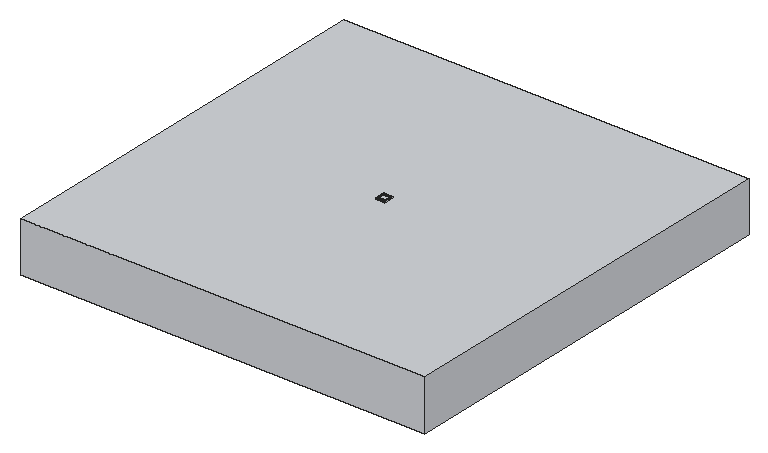
Revit family "Gira_265803", category Allgemeines Modell, Revit 2017
Family settings
  Basisbauteil = Fläche
  Kann Basisbauteil für Bewehrung sein = Nein
  Bemaßung runder Anschluss = Durchmesser verwenden
  Teiletyp = Normal
  Beim Laden mit Abzugskörper schneiden = Nein
  Gemeinsam genutzt = Nein
  Raumberechnungspunkt = Nein
Parameters
  Zusammenstellung = "Zentralplatte"
  Werkstoffgüte = "sonstige"
  Werkstoff = "sonstige"
  Default Elevation = 1219.2 mm
  Verwendung = "sonstige"
  URL = "https://www.gira.de/"
  Typname = "Montagerahmen KD System 55 Reinweiß"
  Transparent = no
  Tragring = no
  RAL-Nummer (ähnlich) = 9010
  Produktseite = "http://katalog.gira.de/de_DE/datenblatt.html?artikelnr=265803"
  Oberfläche = "sonstige"
  Montageart = "sonstige"
  Mit Zugentlastung = no
  Mit Staubschutz = no
  Mit Klappdeckel = yes
  Mit Aufdruck = no
  Lüsterklemme = no
  Hersteller = "Gira"
  Halogenfrei = yes
  HAN = "265803"
  Geeignet für Schutzart (IP) = "IP20"
  GTIN = "4010337463603"
  Farbe = "weiß"
  Datenblatt = "https://katalog.gira.de/de_DE/download.html?artikelnr=265803"
  Beschriftungsfeld = "ohne Beschriftungsfeld"
  Beschreibung = "Montagerahmen mit Klappdeckel  Reinweiß glänzend"
  Befestigungsart = "sonstige"
  BIM = "https://media.stage.bim.site/public/gira/876eb45/SYS55_Montagerahmen.rfa"
  Ausführung der Oberfläche = "glänzend"
Reference planes
  plane 1 "Center (Front/Back)": y = 0
  plane 2: z = 0
  plane 3 "Center (Left/Right)": x = 0
Forms (mm)
  Extrusion 1, solid
    sketch origin (0, 0, 0) x (1, 0, 0) y (0, 1, 0)
      loop
        line (-1219.2, 1219.2) -> (-1219.2, -1219.2) -> (1219.2, -1219.2) -> (1219.2, 1219.2) -> (-1219.2, 1219.2)
    from 0 to -304.8
  Extrusion 2, solid, detail levels fine
    sketch origin (0, 0, 0) x (1, 0, 0) y (0, 1, 0)
      loop
        line (-27.81, 27.81) -> (-27.81, -27.81) -> (27.81, -27.81) -> (27.81, 27.81) -> (-27.81, 27.81)
      loop
        line (-22.126, 22.126) -> (-22.126, -22.126) -> (22.126, -22.126) -> (22.126, 22.126) -> (-22.126, 22.126)
    from 6.1 to 8.6
  Extrusion 3, solid, detail levels fine
    sketch origin (0, 0, 0) x (1, 0, 0) y (0, 1, 0)
      loop
        line (-23.75, 23.744) -> (-23.75, -23.941) -> (23.75, -23.744) -> (23.75, 23.941) -> (-23.75, 23.744)
      loop
        line (-22.126, 22.126) -> (-22.126, -22.126) -> (22.126, -22.126) -> (22.126, 22.126) -> (-22.126, 22.126)
    from 2.7 to 6.1
  Extrusion 4, solid, detail levels fine
    sketch origin (0, 0, 0) x (1, 0, 0) y (0, 1, 0)
      loop
        line (27.81, 27.81) -> (-27.81, 27.81) -> (-27.81, -27.81) -> (27.81, -27.81) -> (27.81, 27.81)
      loop
        line (26.01, 26.01) -> (-26.01, 26.01) -> (-26.01, -26.01) -> (26.01, -26.01) -> (26.01, 26.01)
    from 0 to 6.1
  Extrusion 5, solid, detail levels coarse
    sketch origin (0, 0, 0) x (1, 0, 0) y (0, 1, 0)
      loop
        line (27.81, 27.81) -> (-27.81, 27.81) -> (-27.81, -27.81) -> (27.81, -27.81) -> (27.81, 27.81)
    from 0 to 8.6
  Extrusion 6, solid, detail levels medium
    sketch origin (0, 0, 0) x (1, 0, 0) y (0, 1, 0)
      loop
        line (27.81, 27.81) -> (-27.81, 27.81) -> (-27.81, -27.81) -> (27.81, -27.81) -> (27.81, 27.81)
      loop
        line (-22.126, -22.126) -> (22.126, -22.126) -> (22.126, 22.126) -> (-22.126, 22.126) -> (-22.126, -22.126)
    from 0 to 8.6
Dimensions and locks
  aligned and locked: plane 2 to Extrusion 1
  aligned and locked: level to Extrusion 1
